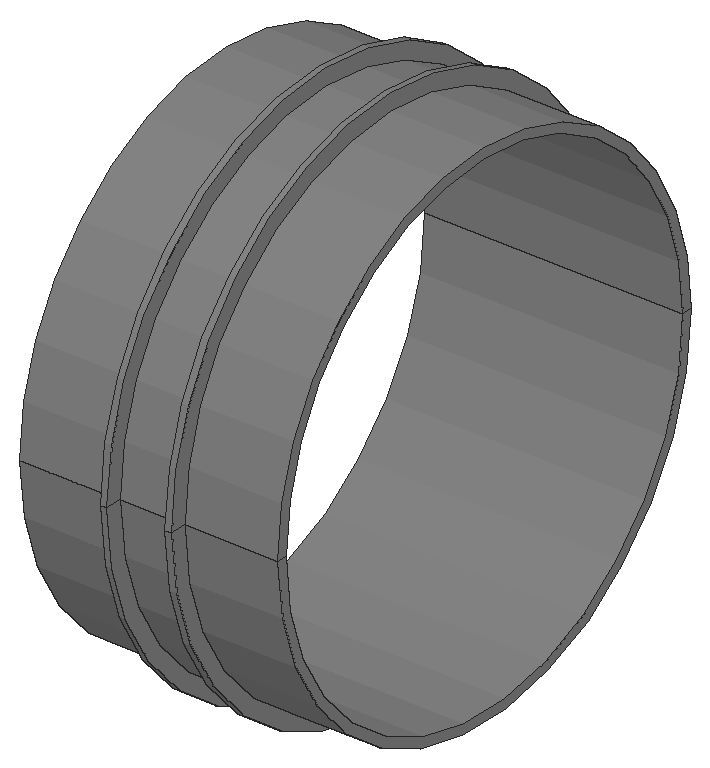
Revit family "НЕВАТОМ_Клaпан КО (бабочка), Версия 2", category Арматура воздуховодов, Revit 2017
Family settings
  Размер круглого соединителя = Использовать диаметр
  Тип детали = Вставляется
  На основе рабочей плоскости = Нет
  Всегда вертикально = Да
  При загрузке вырезать с полостями = Нет
  Общий = Нет
Parameters (values of type "КО 160")
  Материал = Сталь оцинкованная
  Ключевая пометка = "Вентиляция"
  Nevatom_URL = "https://t.me/NEVATOM_Bim_bot"
  D = 160 mm
  ADSK_Расход воздуха = 0.0 L/s
  ADSK_Размер_Ширина = 80 mm  # constant formula
  ADSK_Размер_Длина = D  # 160 mm
  ADSK_Размер_Высота = D  # 160 mm
  ADSK_Примечание = ""
  ADSK_Потеря давления воздуха = 0.0 Pa
  ADSK_Позиция = ""
  ADSK_Наименование = "Обратный клапан круглого сечения(бабочка)"  # constant formula
  ADSK_Материал наименование = "Оцинкованная сталь"  # constant formula
  ADSK_Масса = 0.35
  ADSK_Марка = "КО 160 (\"бабочка\")"
  ADSK_Количество = 1  # constant formula
  ADSK_Код изделия = ""
  ADSK_Завод-изготовитель = "НЕВАТОМ"  # constant formula
  ADSK_Единица измерения = "шт."  # constant formula
Types (6, lengths in mm): name | D | ADSK_Размер_Длина | ADSK_Размер_Высота | ADSK_Масса | ADSK_Марка
  КО 100 | 100 | 100 | 100 | 0.21 | "КО 100 (\"бабочка\")"
  КО 315 | 315 | 315 | 315 | 0.73 | "КО 315 (\"бабочка\")"
  КО 125 | 125 | 125 | 125 | 0.27 | "КО 125 (\"бабочка\")"
  КО 160 | 160 | 160 | 160 | 0.35 | "КО 160 (\"бабочка\")"
  КО 200 | 200 | 200 | 200 | 0.44 | "КО 200 (\"бабочка\")"
  КО 250 | 250 | 250 | 250 | 0.57 | "КО 250 (\"бабочка\")"
Reference planes
  plane 1 "По центру (Вперед/Назад)": y = 0
  plane 2: z = 0
  plane 3 "По центру (Влево/Вправо)": x = 0
  plane 4: x = -40
  plane 5: x = 40
  plane 6: x = -10
  plane 7: x = 10
  plane 8: y = 80
  plane 9: y = -80
  plane 10: y = 85
  plane 11: x = -11
  plane 12: x = -9
  plane 13: y = 77
Forms (mm)
  Extrusion 1, void, not visible
    sketch origin (-345, -245, 50) x (0, -1, 0) y (0, 0, -1)
      loop
        line (-477.965, -475) -> (-477.965, -450) -> (-528.913, -450) -> (-528.913, -475) -> (-477.965, -475)
    from -47.452 to 12
  Revolve 2, solid, material "Сталь оцинкованная" <- "Материал"
    sketch origin (0, 0, 0) x (1, 0, 0) y (0, 1, 0)
      loop
        line (-40, 80) -> (-40, 77) -> (40, 77) -> (40, 80) -> (11, 80) -> (11, 85) -> (9, 85) -> (9, 80) -> (-9, 80) -> (-9, 85) -> (-11, 85) -> (-11, 80) -> (-40, 80)
      axis (40, 0) -> (-40, 0)
    angle from 0 to 360
Lines and regions (mm)
  model lines, not visible, detail levels coarse
    curve 1: circle (0, 0, 0) r 135 normal (0, 0, 1)
    curve 2: line (-135, 0, 0) -> (43.681, 127.738, 0)
    curve 3: line (-135, 0, 0) -> (43.681, -127.738, 0)
    curve 4: line (43.681, 127.738, 0) -> (43.681, -127.738, 0)
  model lines, not visible, detail levels medium
    curve 5: circle (0, 0, 0) r 90 normal (0, -1, 0)
    curve 6: line (-90, 0, 0) -> (39.046, 0, 81.089)
    curve 7: line (-90, 0, 0) -> (39.046, 0, -81.089)
    curve 8: line (39.046, 0, 81.089) -> (39.046, 0, -81.089)
Dimensions and locks
  equal spacing: plane 4, plane 3 "По центру (Влево/Вправо)", plane 5
  locked: plane 4 to plane 5 at 80
  locked: plane 6 to plane 5 at 50
  locked: plane 6 to plane 7 at 20
  equal spacing: plane 9, plane 1 "По центру (Вперед/Назад)", plane 8
  "D": plane 9 to plane 8
  locked: plane 10 to plane 8 at 5
  plane 11 to plane 6 to plane 12 = 1 mm locked, 1 mm locked
  locked: plane 8 to plane 13 at 3
  aligned and locked: level to plane 2
  aligned and locked: Revolve 2 sketch curve to plane 8  (x3)
  aligned and locked: Revolve 2 sketch curve to plane 11
  aligned and locked: Revolve 2 sketch curve to plane 12
  aligned and locked: Revolve 2 sketch curve to plane 10
  aligned and locked: Revolve 2 sketch curve to plane 1 "По центру (Вперед/Назад)"
Automatic sketch dimensions
  Revolve 2 sketch curve to plane 4 = 0 mm
  Revolve 2 sketch curve to plane 10 = 0 mm
  Revolve 2 sketch curve to plane 5 = 0 mm
  Revolve 2 sketch curve to plane 13 = 0 mm
  plane 7 to Revolve 2 sketch curve = 1 mm
  Revolve 2 sketch curve to plane 7 = 1 mm
  Revolve 2 sketch curve to plane 4 = 20 mm
  plane 5 to Revolve 2 sketch curve = 20 mm
Nested families
  nested 1: "крепление 15мм" at (-330, 229.965, 495), type "крепление 15мм", not visible
Connectors
  hvac at (-9, 0, 0), driven by "D", driven by "ADSK_Расход воздуха", driven by "ADSK_Потеря давления воздуха"
    settings: on Revolve 2, index 1, duct flow 0.0 L/s, flow factor 0, pres drop 0.0 Pa, loss coef 0, conn angle 0.00°, conn width 304.8 mm, conn height 304.8 mm, conn diameter 160 mm, duct sys type 1, conn prof type 0, flow config 0, flow direction 0, loss method 4, conn ref index 2, conn util no, is conn primary yes, conn desc ""
  hvac at (11, 0, 0), driven by "D", driven by "ADSK_Расход воздуха", driven by "ADSK_Потеря давления воздуха"
    settings: on Revolve 2, index 2, duct flow 0.0 L/s, flow factor 0, pres drop 0.0 Pa, loss coef 0, conn angle 0.00°, conn width 304.8 mm, conn height 304.8 mm, conn diameter 160 mm, duct sys type 1, conn prof type 0, flow config 0, flow direction 0, loss method 4, conn ref index 1, conn util no, is conn primary no, conn desc ""
Definition of nested family "крепление 15мм"
  Parameters (values of type "крепление 15мм")
    Материал крепления = none
  Reference planes
    plane 1 "По центру (Вперед/Назад)": y = 0
    plane 2: z = 0
    plane 3 "По центру (Влево/Вправо)": x = 0
  Forms (mm)
    Extrusion 1, solid, material <- "Материал крепления"
      sketch origin (0, 0, 0) x (1, 0, 0) y (0, 1, 0)
        loop
          line (-25, 0) -> (0, 0) -> (0, 18.31) -> (0, 25) -> (-3, 25) -> (-3, 3) -> (-25, 3) -> (-25, 0)
      from 0 to 30
    Extrusion 2, void
      sketch origin (0, 0, 0) x (1, 0, 0) y (0, 1, 0)
        loop
          line (-3, 3) -> (-3, 54.96) -> (-58, 54.96) -> (-58, 3) -> (-3, 3)
      from 0 to 15
  Cuts and joins
    Extrusion 2 cuts Extrusion 1
  Dimensions and locks
    Extrusion 1 sketch curve to Extrusion 1 sketch curve = 3 mm  (x2)
    Extrusion 1 sketch curve to Extrusion 1 sketch curve to plane 3 "По центру (Влево/Вправо)" = 25 mm, 0 mm
    Extrusion 1 sketch curve to Extrusion 1 sketch curve = 25 mm
    aligned and locked: level to plane 2
